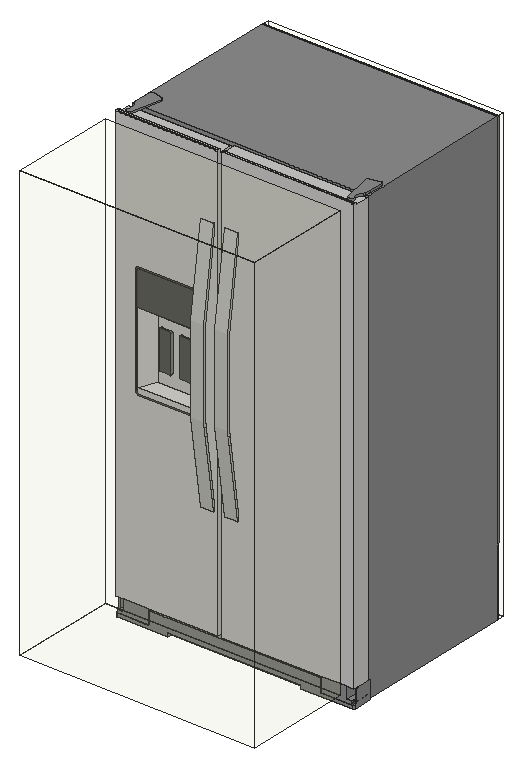
Revit family "WRS571CIHZ-015c_Refrigeration_SXS", category Specialty Equipment, Revit 2026
Family settings
  Round Connector Dimension = Use Diameter
  Part Type = Normal
  Work Plane-Based = No
  Enable Cutting in Views = No
  Always vertical = Yes
  Cut with Voids When Loaded = No
  Maintain Annotation Orientation = No
  Shared = No
  Room Calculation Point = No
Parameters (values of type "WRS571CIH")
  Width = 36"
  Warranty Duration (Years) = "One year limited"
  Voltage = 115 V
  URL = "https://www.whirlpool.com/kitchen/refrigeration/refrigerators/side-by-side/p.36-inch-wide-counter-depth-side-by-side-refrigerator-21-cu.-ft.wrs571cihz.html"
  Specification = ""
  SpecWizard = ""
  Show Clearance [instance] = yes
  Send Message = ""
  Sales Information = "https://www.whirlpool.com/kitchen/refrigeration/refrigerators/side-by-side/p.36-inch-wide-counter-depth-side-by-side-refrigerator-21-cu.-ft.wrs571cihz.html"
  Product Data = "https://www.whirlpool.com/content/dam/global/documents/201711/InstallationandOwnersManual-W10706417-RevB.pdf"
  Model = "WRS571CIH"
  Manufacturer Website = ""
  Manufacturer Phone - Toll Free = ""
  Manufacturer Phone = ""
  Manufacturer Fax = ""
  Manufacturer Email = ""
  Manufacturer Address = ""
  Manufacturer = "Whirlpool"
  Maintenance Schedule (Months) = "NA"
  Leg Material = ARCAT - Metal - Steel - Black
  Installation-Fabrication = "https://www.whirlpool.com/content/dam/global/documents/201807/installation-instruction-w10706411-revb.pdf"
  Installation Phase = "NA"
  Height = 68 7/8"
  Handle Material = ARCAT - Metal - Steel - Gray
  HW size = 0"
  Family Name = "Freestanding Refrigerator"
  Expected Lifespan (Years) = "NA"
  Exhaust size = 0"
  Drawn By = ""
  Drain size = 0"
  Door Material = ARCAT - Metal - Steel - Stainless
  Display Panel Material = ARCAT - Glass - Black
  Description = "Whirlpool® 36-inch Wide Counter Depth Side-by-Side Refrigerator"
  Depth = 29 3/4"
  Default Elevation = 0"
  Copyright = ""
  Clearance Material = ARCAT - Clearance
  CW size = 0"
  Body Material = ARCAT - Metal - Steel - Black
  Apparent Load = 0 VA
  Amps = 20 A
Reference planes (in)
  plane 1 "Center (Front/Back)": y = 0
  plane 2: z = 0
  plane 3 "Center (Left/Right)": x = 0
  plane 4: z = 68.875
  plane 5: y = -30.75
  plane 6: y = -1
  plane 7: x = 18
  plane 8: x = -18
  plane 9: z = 68.875
Forms (in)
  Extrusion 1, solid, material "ARCAT - Metal - Steel - Black" <- "Body Material"
    sketch origin (0, -1, 0) x (1, 0, 0) y (0, 1, 0)
      loop
        line (-17.75, -0.125) -> (-17.75, -24.5) -> (17.75, -24.5) -> (17.75, -0.125) -> (-17.75, -0.125)
    from 0.5 to 68.625
  Extrusion 2, solid, material "ARCAT - Metal - Steel - Black" <- "Body Material"
    sketch origin (19.90625, -1.125, 48) x (-1, 0, 0) y (0, 0, 1)
      loop
        line (2.15625, 20.625) -> (2.15625, -37.11587) -> (3.15625, -37.11587) -> (3.15625, 19.375) -> (36.65625, 19.375) -> (36.65625, -37.11587) -> (37.65625, -37.11587) -> (37.65625, 20.625) -> (2.15625, 20.625)
    from 0 to 0.125
  Extrusion 3, solid, material "ARCAT - Metal - Steel - Black" <- "Body Material"
    sketch origin (-17.75, -1.125, 0) x (1, 0, 0) y (0, 0, -1)
      loop
        arc (35.47625, -10.88413) -> (35.49304, -10.87717) -> (35.5, -10.86038) r 0.02375
        line (35.5, -10.86038) -> (35.5, -0.5) -> (0, -0.5) -> (0, -10.86038)
        arc (0, -10.86038) -> (0.00696, -10.87717) -> (0.02375, -10.88413) r 0.02375
        line (0.02375, -10.88413) -> (1.20756, -10.88413)
        arc (1.20756, -10.88413) -> (1.22413, -10.891) -> (1.231, -10.90757) r 0.02344
        line (1.231, -10.90757) -> (1.231, -11.26273)
        arc (1.231, -11.26273) -> (1.23821, -11.28015) -> (1.25564, -11.28736) r 0.02464
        line (1.25564, -11.28736) -> (32.83267, -11.28736) -> (32.83267, -10.60759) -> (33.42208, -10.60759) -> (33.42208, -11.28736) -> (34.33361, -11.28736)
        arc (34.33361, -11.28736) -> (34.35103, -11.28015) -> (34.35825, -11.26273) r 0.02464
        line (34.35825, -11.26273) -> (34.35825, -10.90757)
        arc (34.35825, -10.90757) -> (34.36512, -10.891) -> (34.38169, -10.88413) r 0.02344
        line (34.38169, -10.88413) -> (35.47625, -10.88413)
      loop
        circle (8.37953, -10.25959) r 0.43193
    from 0 to 0.0625
  Extrusion 4, void
    sketch origin (-17.75, -1.125, 0) x (-1, 0, 0) y (0, 0, -1)
      loop
        line (-3.20358, -7.62739) -> (-2.70358, -7.62739) -> (-2.70358, -8.29333) -> (-2.59276, -8.29333) -> (-2.59276, -8.79333) -> (-2.22972, -8.79333) -> (-2.22972, -8.29333) -> (-2.1189, -8.29333) -> (-2.1189, -7.62739) -> (-1.6189, -7.62739) -> (-1.6189, -6.45946)
        arc (-1.6189, -6.45946) -> (-1.74531, -6.15429) -> (-2.05048, -6.02789) r 0.43157
        line (-2.05048, -6.02789) -> (-2.772, -6.02789)
        arc (-2.772, -6.02789) -> (-3.07717, -6.15429) -> (-3.20358, -6.45946) r 0.43157
        line (-3.20358, -6.45946) -> (-3.20358, -7.62739)
    from -0.125 to 1.8721
  Extrusion 5, solid, material "ARCAT - Metal - Steel - Black" <- "Body Material"
    sketch origin (-11.54723, -1.0625, -1.25138) x (1, 0, 0) y (0, 0, -1)
      loop
        circle (26.9246, -11.70577) r 0.25
    from 0 to 0.03125
  Blend 6, solid, material "ARCAT - Metal - Steel - Black" <- "Body Material"
    base sketch origin (0.30403, -1.0625, 10.4343) x (1, 0, 0) y (0, 0, -1)
      loop
        arc (15.34316, -12.01586) -> (15.76941, -11.8393) -> (15.94597, -11.41304) r 0.60281
        line (15.94597, -11.41304) -> (15.94597, -1.99242)
        arc (15.94597, -1.99242) -> (15.76978, -1.56705) -> (15.34441, -1.39086) r 0.60156
        line (15.34441, -1.39086) -> (7.04754, -1.39086)
        arc (7.04754, -1.39086) -> (6.62217, -1.56705) -> (6.44597, -1.99242) r 0.60156
        line (6.44597, -1.99242) -> (6.44597, -11.41429)
        arc (6.44597, -11.41429) -> (6.62217, -11.83966) -> (7.04754, -12.01586) r 0.60156
        line (7.04754, -12.01586) -> (15.34316, -12.01586)
    top sketch origin (0.30403, -1.0625, 10.4343) x (1, 0, 0) y (0, 0, -1)
      loop
        line (15.24597, -10.82836) -> (15.24597, -2.57836)
        arc (15.24597, -2.57836) -> (15.09953, -2.2248) -> (14.74597, -2.07836) r 0.5
        line (14.74597, -2.07836) -> (7.64472, -2.07836)
        arc (7.64472, -2.07836) -> (7.29117, -2.2248) -> (7.14472, -2.57836) r 0.5
        line (7.14472, -2.57836) -> (7.14472, -10.82836)
        arc (7.14472, -10.82836) -> (7.29117, -11.18191) -> (7.64472, -11.32836) r 0.5
        line (7.64472, -11.32836) -> (14.74597, -11.32836)
        arc (14.74597, -11.32836) -> (15.09953, -11.18191) -> (15.24597, -10.82836) r 0.5
    from 0 to 0.0625
  Extrusion 7, solid, material "ARCAT - Metal - Steel - Stainless" <- "Door Material"
    sketch origin (0, 0.75, 68.875) x (1, 0, 0) y (0, 1, 0)
      loop
        line (17.25, -26.25) -> (-2, -26.25) -> (-2, -29.25) -> (18, -29.25) -> (18, -26.75) -> (17.25, -26.75) -> (17.25, -26.25)
    from -0.76265 to -65.625
  Extrusion 8, solid, material "ARCAT - Metal - Steel - Stainless" <- "Door Material"
    sketch origin (0, 0.75, 68.875) x (1, 0, 0) y (0, 1, 0)
      loop
        line (-18, -29.25) -> (-2.625, -29.25) -> (-2.625, -26.25) -> (-17.25, -26.25) -> (-17.25, -26.75) -> (-18, -26.75) -> (-18, -29.25)
    from -0.76265 to -65.625
  Extrusion 9, solid, material "ARCAT - Metal - Steel - Gray" <- "Handle Material"
    sketch origin (-2.28977, 0.75, -11.02278) x (0, 1, 0) y (0, 0, -1)
      loop
        line (-29.25, -69.875) -> (-29.25, -68.74452)
        arc (-29.25, -68.74452) -> (-31.25116, -50.33528) -> (-29.25, -31.92604) r 85.67643
        line (-29.25, -31.92604) -> (-29.25, -30.79555)
        arc (-29.25, -30.79555) -> (-31.50116, -50.33528) -> (-29.25, -69.875) r 85.92643
    from 0.83523 to 2.83523
  Extrusion 10, solid, material "ARCAT - Glass - Black" <- "Display Panel Material"
    sketch origin (-17.75, -28.5, 66.625) x (1, 0, 0) y (0, 0, 1)
      loop
        line (3.05715, -23.21472) -> (11.63902, -23.21472) -> (11.63902, -18.16472)
        arc (11.63902, -18.16472) -> (11.5658, -17.98795) -> (11.38902, -17.91472) r 0.25
        line (11.38902, -17.91472) -> (3.30715, -17.91472)
        arc (3.30715, -17.91472) -> (3.13038, -17.98795) -> (3.05715, -18.16472) r 0.25
        line (3.05715, -18.16472) -> (3.05715, -23.21472)
    from 0 to 0.0625
  Blend 11, void
    base sketch origin (-17.75, -28.5, 66.625) x (-1, 0, 0) y (0, 0, 1)
      loop
        line (-3.05715, -23.21472) -> (-11.63902, -23.21472) -> (-11.63902, -34.11951) -> (-3.05715, -34.11951) -> (-3.05715, -23.21472)
    top sketch origin (-17.75, -28.5, 66.625) x (-1, 0, 0) y (0, 0, 1)
      loop
        line (-4.55715, -24.41472) -> (-10.13902, -24.41472) -> (-10.13902, -33.66472) -> (-4.55715, -33.66472) -> (-4.55715, -24.41472)
    from 0 to 2.00212
  Extrusion 12, solid, material "ARCAT - Metal - Steel - Black" <- "Body Material"
    sketch origin (17.75, -28.5, 68.875) x (-1, 0, 0) y (0, 0, -1)
      loop
        line (30.8125, 68.375) -> (4.75, 68.375) -> (4.75, 65.96484)
        arc (4.75, 65.96484) -> (4.77631, 65.90131) -> (4.83984, 65.875) r 0.08984
        line (4.83984, 65.875) -> (30.72266, 65.875)
        arc (30.72266, 65.875) -> (30.78619, 65.90131) -> (30.8125, 65.96484) r 0.08984
        line (30.8125, 65.96484) -> (30.8125, 68.375)
    from 0 to -3
  Extrusion 13, solid, material "ARCAT - Clearance" <- "Clearance Material", visible <- "Show Clearance", detail levels medium+fine
    sketch origin (63.95747, -179.25, 68.875) x (-1, 0, 0) y (0, -1, 0)
      loop
        line (46.20747, -148.5) -> (81.70747, -148.5) -> (81.70747, -132.375) -> (46.20747, -132.375) -> (46.20747, -148.5)
    from 0 to -65.625
  Extrusion 14, solid, material "ARCAT - Metal - Steel - Black" <- "Body Material"
    sketch origin (19.97981, -28.125, 69.375) x (-1, 0, 0) y (0, 0, -1)
      loop
        line (33.04231, 66.125) -> (36.78266, 66.125) -> (36.78266, 67.875) -> (37.5527, 67.875)
        arc (37.5527, 67.875) -> (37.63131, 67.90756) -> (37.66387, 67.98618) r 0.11118
        line (37.66387, 67.98618) -> (37.66387, 68.23028)
        arc (37.66387, 68.23028) -> (37.63184, 68.30762) -> (37.5545, 68.33965) r 0.10938
        line (37.5545, 68.33965) -> (33.04231, 68.33965) -> (33.04231, 66.125)
    from 0.375 to -2.625
  Extrusion 15, solid, material "ARCAT - Metal - Steel - Black" <- "Body Material"
    sketch origin (17.75, -25.5, 0.5) x (-1, 0, 0) y (0, 0, -1)
      loop
        line (35.75, -0.47474) -> (35.5, -0.47474) -> (35.5, -2.64562)
        arc (35.5, -2.64562) -> (35.50686, -2.6622) -> (35.52344, -2.66906) r 0.02344
        line (35.52344, -2.66906) -> (35.72749, -2.66906)
        arc (35.72749, -2.66906) -> (35.74341, -2.66247) -> (35.75, -2.64655) r 0.02251
        line (35.75, -2.64655) -> (35.75, -0.47474)
    from 0 to 2.42995
  Extrusion 16, solid, material "ARCAT - Metal - Steel - Black" <- "Body Material"
    sketch origin (0, -1, 0.5) x (0, 1, 0) y (1, 0, 0)
      loop
        line (-27.5, -13) -> (-27.5, -17.73417)
        arc (-27.5, -17.73417) -> (-27.42214, -17.92214) -> (-27.23417, -18) r 0.26583
        line (-27.23417, -18) -> (-24.5, -18) -> (-24.5, -13) -> (-27.5, -13)
    from 0 to -0.47474
  Extrusion 17, solid, material "ARCAT - Metal - Steel - Gray" <- "Handle Material"
    sketch origin (-2.33523, 0.75, -11.02278) x (0, 1, 0) y (0, 0, 1)
      loop
        arc (-29.25, 69.875) -> (-31.50116, 50.33528) -> (-29.25, 30.79555) r 85.92643
        line (-29.25, 30.79555) -> (-29.25, 31.92604)
        arc (-29.25, 31.92604) -> (-31.25116, 50.33528) -> (-29.25, 68.74452) r 85.67643
        line (-29.25, 68.74452) -> (-29.25, 69.875)
    from 0.83523 to 2.83523
  Extrusion 18, solid, material "ARCAT - Glass - Black" <- "Display Panel Material"
    sketch origin (-17.75, -28.5, 66.625) x (1, 0, 0) y (0, 0, 1)
      loop
        arc (3.05715, -34.43606) -> (3.17663, -34.7245) -> (3.46508, -34.84398) r 0.40793
        line (3.46508, -34.84398) -> (11.23277, -34.84398)
        arc (11.23277, -34.84398) -> (11.52004, -34.72499) -> (11.63902, -34.43773) r 0.40625
        line (11.63902, -34.43773) -> (11.63902, -18.16472)
        arc (11.63902, -18.16472) -> (11.5658, -17.98795) -> (11.38902, -17.91472) r 0.25
        line (11.38902, -17.91472) -> (3.30715, -17.91472)
        arc (3.30715, -17.91472) -> (3.13038, -17.98795) -> (3.05715, -18.16472) r 0.25
        line (3.05715, -18.16472) -> (3.05715, -34.43606)
      loop
        arc (2.80715, -34.43606) -> (2.99985, -34.90128) -> (3.46508, -35.09398) r 0.65793
        line (3.46508, -35.09398) -> (11.23277, -35.09398)
        arc (11.23277, -35.09398) -> (11.69681, -34.90177) -> (11.88902, -34.43773) r 0.65625
        line (11.88902, -34.43773) -> (11.88902, -18.16472)
        arc (11.88902, -18.16472) -> (11.74258, -17.81117) -> (11.38902, -17.66472) r 0.5
        line (11.38902, -17.66472) -> (3.30715, -17.66472)
        arc (3.30715, -17.66472) -> (2.9536, -17.81117) -> (2.80715, -18.16472) r 0.5
        line (2.80715, -18.16472) -> (2.80715, -34.43606)
    from 0 to 0.07813
  Extrusion 19, solid, material "ARCAT - Metal - Steel - Stainless" <- "Door Material"
    sketch origin (-18, 5.715, 47.73735) x (0, 1, 0) y (0, 0, 1)
      loop
        line (-31.715, 20.375) -> (-31.715, 20.63765) -> (-33.86008, 20.63765) -> (-33.86008, 21.11031)
        arc (-33.86008, 21.11031) -> (-33.86809, 21.12965) -> (-33.88742, 21.13765) r 0.02734
        line (-33.88742, 21.13765) -> (-34.18846, 21.13765)
        arc (-34.18846, 21.13765) -> (-34.20723, 21.12988) -> (-34.215, 21.11111) r 0.02655
        line (-34.215, 21.11111) -> (-34.215, 20.375) -> (-31.715, 20.375)
    from 0 to 15.375
  Extrusion 20, solid, material "ARCAT - Metal - Steel - Stainless" <- "Door Material"
    sketch origin (18, 5.715, 47.73735) x (0, 1, 0) y (0, 0, -1)
      loop
        line (-31.715, -20.375) -> (-34.215, -20.375) -> (-34.215, -21.11111)
        arc (-34.215, -21.11111) -> (-34.20723, -21.12988) -> (-34.18846, -21.13765) r 0.02655
        line (-34.18846, -21.13765) -> (-33.88742, -21.13765)
        arc (-33.88742, -21.13765) -> (-33.86809, -21.12965) -> (-33.86008, -21.11031) r 0.02734
        line (-33.86008, -21.11031) -> (-33.86008, -20.88765) -> (-31.715, -20.88765) -> (-31.715, -20.375)
    from 0 to 20
  Extrusion 21, solid, material "ARCAT - Metal - Steel - Black" <- "Body Material"
    sketch origin (0.125, -1, 68.625) x (1, 0, 0) y (0, 1, 0)
      loop
        arc (-17.26354, -21.39842) -> (-17.50419, -21.45093) -> (-17.61177, -21.6725) r 0.28197
        line (-17.61177, -21.6725) -> (-17.61177, -23.92511)
        arc (-17.61177, -23.92511) -> (-17.58722, -24.28246) -> (-17.51403, -24.6331) r 2.61317
        arc (-17.51403, -24.6331) -> (-17.45066, -24.78883) -> (-17.35425, -24.92658) r 0.75155
        arc (-17.35425, -24.92658) -> (-17.07156, -25.59776) -> (-17.25143, -26.30348) r 1.14347
        arc (-17.25143, -26.30348) -> (-17.08794, -26.87936) -> (-16.53806, -26.64274) r 0.39831
        line (-16.53806, -26.64274) -> (-15.57015, -22.08907)
        arc (-15.57015, -22.08907) -> (-15.60727, -21.8807) -> (-15.77917, -21.75722) r 0.28125
        line (-15.77917, -21.75722) -> (-17.26354, -21.39842)
    from 0.25 to 0
  Extrusion 22, solid, material "ARCAT - Metal - Steel - Black" <- "Body Material"
    sketch origin (-0.125, -1, 68.625) x (-1, 0, 0) y (0, -1, 0)
      loop
        line (-17.26354, 21.39842) -> (-15.77917, 21.75722)
        arc (-15.77917, 21.75722) -> (-15.60727, 21.8807) -> (-15.57015, 22.08907) r 0.28125
        line (-15.57015, 22.08907) -> (-16.53806, 26.64274)
        arc (-16.53806, 26.64274) -> (-17.08794, 26.87936) -> (-17.25143, 26.30348) r 0.39831
        arc (-17.25143, 26.30348) -> (-17.07156, 25.59776) -> (-17.35425, 24.92658) r 1.14347
        arc (-17.35425, 24.92658) -> (-17.45066, 24.78883) -> (-17.51403, 24.6331) r 0.75155
        arc (-17.51403, 24.6331) -> (-17.58722, 24.28246) -> (-17.61177, 23.92511) r 2.61317
        line (-17.61177, 23.92511) -> (-17.61177, 21.6725)
        arc (-17.61177, 21.6725) -> (-17.50419, 21.45093) -> (-17.26354, 21.39842) r 0.28197
    from 0.25 to 0
  Extrusion 23, solid, material "ARCAT - Metal - Steel - Black" <- "Leg Material"
    sketch origin (-0.75, -1, 0.5) x (1, 0, 0) y (0, -1, 0)
      loop
        circle (16.18238, 22.39858) r 0.75
    from 0 to 0.5
  Extrusion 24, solid, material "ARCAT - Metal - Steel - Black" <- "Leg Material"
    sketch origin (-0.75, 18, 0.5) x (1, 0, 0) y (0, -1, 0)
      loop
        circle (16.18238, 22.39858) r 0.75
    from 0 to 0.5
  Extrusion 25, solid, material "ARCAT - Metal - Steel - Black" <- "Leg Material"
    sketch origin (0.75, -1, 0.5) x (1, 0, 0) y (0, -1, 0)
      loop
        circle (-16.18238, 22.39858) r 0.75
    from 0 to 0.5
  Extrusion 26, solid, material "ARCAT - Metal - Steel - Black" <- "Leg Material"
    sketch origin (0.75, 18, 0.5) x (1, 0, 0) y (0, -1, 0)
      loop
        circle (-16.18238, 22.39858) r 0.75
    from 0 to 0.5
  Extrusion 27, solid, material "ARCAT - Metal - Steel - Black" <- "Body Material"
    sketch origin (-17.75, -26.49788, 66.625) x (1, 0, 0) y (0, 0, 1)
      loop
        arc (5.19868, -26.05351) -> (5.0219, -26.12673) -> (4.94868, -26.30351) r 0.25
        line (4.94868, -26.30351) -> (4.94868, -31.75621)
        arc (4.94868, -31.75621) -> (5.0219, -31.93299) -> (5.19868, -32.00621) r 0.25
        line (5.19868, -32.00621) -> (6.44868, -32.00621)
        arc (6.44868, -32.00621) -> (6.62546, -31.93299) -> (6.69868, -31.75621) r 0.25
        line (6.69868, -31.75621) -> (6.69868, -26.30351)
        arc (6.69868, -26.30351) -> (6.62546, -26.12673) -> (6.44868, -26.05351) r 0.25
        line (6.44868, -26.05351) -> (5.19868, -26.05351)
    from 0 to 0.25
  Extrusion 28, solid, material "ARCAT - Metal - Steel - Black" <- "Body Material"
    sketch origin (-3.17882, -26.49788, 66.625) x (-1, 0, 0) y (0, 0, -1)
      loop
        line (5.07368, 26.05351) -> (6.32368, 26.05351)
        arc (6.32368, 26.05351) -> (6.50046, 26.12673) -> (6.57368, 26.30351) r 0.25
        line (6.57368, 26.30351) -> (6.57368, 31.75621)
        arc (6.57368, 31.75621) -> (6.50046, 31.93299) -> (6.32368, 32.00621) r 0.25
        line (6.32368, 32.00621) -> (5.07368, 32.00621)
        arc (5.07368, 32.00621) -> (4.8969, 31.93299) -> (4.82368, 31.75621) r 0.25
        line (4.82368, 31.75621) -> (4.82368, 26.30351)
        arc (4.82368, 26.30351) -> (4.8969, 26.12673) -> (5.07368, 26.05351) r 0.25
    from 0 to 0.25
  Extrusion 29, solid, material "ARCAT - Clearance" <- "Clearance Material", visible <- "Show Clearance", detail levels medium+fine
    sketch origin (63.95747, -148.5, 68.875) x (-1, 0, 0) y (0, -1, 0)
      loop
        line (46.20747, -148.5) -> (81.70747, -148.5) -> (81.70747, -147.5) -> (46.20747, -147.5) -> (46.20747, -148.5)
    from -0.25 to -68.375
  Extrusion 30, solid, material "ARCAT - Metal - Steel - Black" <- "Body Material"
    sketch origin (-19.97981, -28.125, 69.375) x (1, 0, 0) y (0, 0, 1)
      loop
        line (33.04231, -66.125) -> (33.04231, -68.33965) -> (37.5545, -68.33965)
        arc (37.5545, -68.33965) -> (37.63184, -68.30762) -> (37.66387, -68.23028) r 0.10938
        line (37.66387, -68.23028) -> (37.66387, -67.98618)
        arc (37.66387, -67.98618) -> (37.63131, -67.90756) -> (37.5527, -67.875) r 0.11118
        line (37.5527, -67.875) -> (36.78266, -67.875) -> (36.78266, -66.125) -> (33.04231, -66.125)
    from 0.375 to -2.625
  Extrusion 31, solid, material "ARCAT - Metal - Steel - Black" <- "Body Material"
    sketch origin (-17.75, -25.5, 0.5) x (1, 0, 0) y (0, 0, 1)
      loop
        line (35.75, 0.47474) -> (35.75, 2.72749)
        arc (35.75, 2.72749) -> (35.74341, 2.74341) -> (35.72749, 2.75) r 0.02251
        line (35.72749, 2.75) -> (35.52344, 2.75)
        arc (35.52344, 2.75) -> (35.50686, 2.74314) -> (35.5, 2.72656) r 0.02344
        line (35.5, 2.72656) -> (35.5, 0.47474) -> (35.75, 0.47474)
    from 0 to 2.42995
  Extrusion 32, solid, material "ARCAT - Metal - Steel - Black" <- "Body Material"
    sketch origin (0, -1, 0.5) x (0, -1, 0) y (-1, 0, 0)
      loop
        line (27.5, -13) -> (24.5, -13) -> (24.5, -18) -> (27.23417, -18)
        arc (27.23417, -18) -> (27.42214, -17.92214) -> (27.5, -17.73417) r 0.26583
        line (27.5, -17.73417) -> (27.5, -13)
    from 0 to -0.47474
  Extrusion 33, void
    sketch origin (17.75, -28.5, 68.875) x (1, 0, 0) y (0, 0, -1)
      loop
        line (-27.8125, 67.8338) -> (-7.8125, 67.8338) -> (-7.8125, 68.375) -> (-27.8125, 68.375) -> (-27.8125, 67.8338)
    from 0 to 0.57005
Cuts and joins
  Extrusion 4, Extrusion 33 cuts Extrusion 1
  Extrusion 4 cuts Extrusion 3
  Blend 11 cuts Extrusion 8
  joined: Extrusion 7, Extrusion 8, Extrusion 19, Extrusion 20
  Extrusion 33 cuts Extrusion 12
  Extrusion 33 cuts Extrusion 15
  Extrusion 33 cuts Extrusion 16
  Extrusion 33 cuts Extrusion 31
  Extrusion 33 cuts Extrusion 32
  joined: Extrusion 12, Extrusion 15, Extrusion 16, Extrusion 31, Extrusion 32
Lines and regions (in)
  model lines
    curve 1: line (-8.90272, -1.0625, 8.95033) -> (-11.15272, -1.0625, 8.95033)
    curve 2: line (-8.90272, -1.0625, 1.56722) -> (-8.90272, -1.0625, 8.95033)
    curve 3: line (-15.90272, -1.0625, 3.78839) -> (-13.40272, -1.0625, 3.78839)
    curve 4: line (-15.90272, -1.0625, 3.78839) -> (-15.90272, -1.0625, 1.56722)
    curve 5: line (-15.90272, -1.0625, 1.56722) -> (-8.90272, -1.0625, 1.56722)
    curve 6: line (-11.15272, -1.0625, 8.95033) -> (-11.15272, -1.0625, 10.45033)
    curve 7: line (-11.15272, -1.0625, 10.45033) -> (-13.40272, -1.0625, 10.45033)
    curve 8: line (-13.40272, -1.0625, 10.45033) -> (-13.40272, -1.0625, 3.78839)
    curve 9: circle (13.1205, -1.125, 63.80901) r 2.2 normal (0, 1, 0)
    curve 10: circle (0.96483, -1.125, 21.37642) r 2.2 normal (0, 1, 0)
  symbolic lines, style "SpecialityEquipment"
    curve 11: line (18, -28.5, 0.5) -> (-18, -28.5, 0.5)
    curve 12: line (-17.75, -1, 0.5) -> (18, -1, 0.5)
    curve 13: line (-5.125, -30.75116, 0.5) -> (-5.125, -28.5, 0.5)
    curve 14: line (-3.125, -30.75116, 0.5) -> (-5.125, -30.75116, 0.5)
    curve 15: line (-3.125, -28.5, 0.5) -> (-3.125, -30.75116, 0.5)
    curve 16: line (-1.5, -30.75116, 0.5) -> (-1.5, -28.5, 0.5)
    curve 17: line (0.5, -30.75116, 0.5) -> (-1.5, -30.75116, 0.5)
    curve 18: line (0.5, -28.5, 0.5) -> (0.5, -30.75116, 0.5)
    curve 19: line (18, -28.5, 0.5) -> (18, -1, 0.5)
    curve 20: line (-18, -28.5, 0.5) -> (-18, -1, 0.5)
Dimensions and locks (in)
  "Height": plane 4 to level
  "Depth": plane 6 to plane 5
  "Width": plane 8 to plane 7
  equal spacing: plane 8, plane 3 "Center (Left/Right)", plane 7
  aligned and locked: plane 2 to level
Automatic sketch dimensions
  plane 8 to Extrusion 1 sketch curve = 1/4"
  Extrusion 1 sketch curve to plane 7 = 1/4"
  plane 5 to Extrusion 1 sketch curve = 5 1/4"
  plane 6 to Extrusion 1 sketch curve = 1/8"
  Extrusion 2 sketch curve to plane 7 = 1/4"
  Extrusion 2 sketch curve to plane 7 = 1 1/4"
  plane 8 to Extrusion 2 sketch curve = 1 1/4"
  plane 8 to Extrusion 2 sketch curve = 1/4"
  level to Extrusion 2 sketch curve = 10.88413"  (x2)
  Extrusion 2 sketch curve to plane 4 = 1 1/2"
  Extrusion 2 sketch curve to plane 4 = 1/4"
  Extrusion 1 to Extrusion 3 sketch curve = 0"
  Extrusion 3 sketch curve to Extrusion 1 = 0"  (x2)
  Extrusion 3 sketch curve to Extrusion 1 = 0.02375"  (x2)
  Extrusion 3 sketch curve to Extrusion 3 sketch curve = 1.18381"
  Extrusion 3 sketch curve to Extrusion 3 sketch curve = 3/128"  (x2)
  Extrusion 3 sketch curve to Extrusion 3 sketch curve = 0.02464"  (x2)
  Extrusion 3 sketch curve to Extrusion 3 sketch curve = 7.14854"
  Extrusion 3 sketch curve to Extrusion 1 = 2.66733"
  Extrusion 3 sketch curve to Extrusion 3 sketch curve = 0.58942"
  Extrusion 3 sketch curve to Extrusion 3 sketch curve = 0.91153"
  Extrusion 1 to Extrusion 3 sketch curve = 9.75959"
  Extrusion 1 to Extrusion 3 sketch curve = 10.10759"
  Extrusion 3 sketch curve to Extrusion 3 sketch curve = 0.60079"
  Extrusion 3 sketch curve to Extrusion 3 sketch curve = 0.25279"
  Extrusion 3 sketch curve to Extrusion 3 sketch curve = 0.35516"  (x2)
  Extrusion 1 to Extrusion 4 sketch curve = 3.20358"
  Extrusion 4 sketch curve to Extrusion 4 sketch curve = 0.43157"  (x2)
  Extrusion 4 sketch curve to Extrusion 4 sketch curve = 1/2"  (x2)
  Extrusion 4 sketch curve to Extrusion 4 sketch curve = 0.11082"
  Extrusion 4 sketch curve to Extrusion 4 sketch curve = 0.36304"
  Extrusion 4 sketch curve to Extrusion 4 sketch curve = 0.58467"
  Extrusion 4 sketch curve to Extrusion 4 sketch curve = 0.72153"
  Extrusion 4 sketch curve to Extrusion 1 = 8.29333"
  Extrusion 4 sketch curve to Extrusion 4 sketch curve = 0"
  Extrusion 4 sketch curve to Extrusion 4 sketch curve = 0.66594"  (x2)
  Extrusion 4 sketch curve to Extrusion 4 sketch curve = 1.16793"
  level to Extrusion 5 sketch curve = 10.45438"
  curve 10 to Extrusion 1 = 16 201/256"
  curve 9 to Extrusion 1 = 4.6295"
  Extrusion 1 to curve 9 = 4.81599"
  Extrusion 1 to curve 10 = 20.87642"
  curve 4 to Extrusion 3 = 0.61628"
  curve 3 to curve 3 = 2 1/2"
  curve 7 to Extrusion 3 = 0.15726"
  curve 7 to curve 7 = 2 1/4"
  curve 2 to Extrusion 3 = 1.06722"
  curve 3 to curve 2 = 4 1/2"
  curve 6 to curve 6 = 1 1/2"
  curve 3 to Extrusion 3 = 3.28839"
  Blend 6 sketch curve to Blend 6 sketch curve = 77/128"  (x2)
  Blend 6 sketch curve to plane 7 = 2.35281"
  Blend 6 sketch curve to plane 7 = 2 45/128"
  Blend 6 sketch curve to Blend 6 sketch curve = 0.60281"
  level to Blend 6 sketch curve = 22.45015"
  Blend 6 sketch curve to Blend 6 sketch curve = 9 27/64"
  Blend 6 sketch curve to Blend 6 sketch curve = 1/2"  (x3)
  level to Blend 6 sketch curve = 21.76265"
  Blend 6 sketch curve to Blend 6 sketch curve = 8 1/4"
  Extrusion 7 sketch curve to plane 7 = 0"
  Extrusion 7 sketch curve to plane 7 = 3/4"
  Extrusion 7 sketch curve to plane 3 "Center (Left/Right)" = 2"
  plane 5 to Extrusion 7 sketch curve = 2 1/4"
  Extrusion 7 sketch curve to Extrusion 7 sketch curve = 2 1/2"
  Extrusion 7 sketch curve to Extrusion 7 sketch curve = 1/2"
  Extrusion 8 sketch curve to plane 8 = 0"
  plane 8 to Extrusion 8 sketch curve = 3/4"
  Extrusion 8 sketch curve to plane 3 "Center (Left/Right)" = 2 5/8"
  plane 5 to Extrusion 8 sketch curve = 2 1/4"
  Extrusion 8 sketch curve to Extrusion 8 sketch curve = 2 1/2"
  Extrusion 8 sketch curve to Extrusion 8 sketch curve = 3"
  Extrusion 9 sketch curve to Extrusion 9 sketch curve = 0"  (x2)
  plane 5 to Extrusion 9 sketch curve = 2 1/4"  (x2)
  Extrusion 9 sketch curve to plane 1 "Center (Front/Back)" = 55.17527"
  Extrusion 9 sketch curve to plane 4 = 10.02278"
  Extrusion 9 sketch curve to Extrusion 9 sketch curve = 1.13048"
  Extrusion 9 sketch curve to plane 4 = 29 9/16"
  Extrusion 8 to Extrusion 10 sketch curve = 3.30715"
  Extrusion 10 sketch curve to Extrusion 10 sketch curve = 1/4"
  Extrusion 10 sketch curve to Extrusion 8 = 3.73598"
  Extrusion 10 sketch curve to Extrusion 8 = 3.48598"
  Extrusion 8 to Extrusion 10 sketch curve = 24.70206"
  Extrusion 10 sketch curve to Extrusion 10 sketch curve = 5.04999"
  Extrusion 8 to Blend 11 sketch curve = 3.48598"
  Blend 11 sketch curve to Extrusion 8 = 3.30715"
  Blend 11 sketch curve to Extrusion 8 = 29.25549"
  Blend 11 sketch curve to Blend 11 sketch curve = 10.90479"
  Extrusion 8 to Blend 11 sketch curve = 4.98598"
  Blend 11 sketch curve to Extrusion 8 = 4.80715"
  Blend 11 sketch curve to Extrusion 8 = 29.71028"
  Blend 11 sketch curve to Blend 11 sketch curve = 9 1/4"
  Extrusion 12 sketch curve to Extrusion 7 = 5"
  Extrusion 12 sketch curve to Extrusion 12 sketch curve = 23/256"  (x2)
  Extrusion 12 sketch curve to Extrusion 7 = 1/4"
  Extrusion 7 to Extrusion 12 sketch curve = 10 249/256"
  Extrusion 12 sketch curve to Extrusion 12 sketch curve = 2 105/256"
  Extrusion 13 sketch curve to plane 5 = 0"
  Extrusion 13 sketch curve to plane 7 = 1/4"
  plane 8 to Extrusion 13 sketch curve = 1/4"
  Extrusion 13 sketch curve to Extrusion 13 sketch curve = 16 1/8"
  plane 8 to Extrusion 14 sketch curve = 1.19715"
  plane 8 to Extrusion 14 sketch curve = 0.42712"
  Extrusion 14 sketch curve to Extrusion 14 sketch curve = 0.0018"
  Extrusion 14 sketch curve to Extrusion 14 sketch curve = 0.11118"
  level to Extrusion 14 sketch curve = 3 1/4"
  level to Extrusion 14 sketch curve = 1 1/2"
  Extrusion 14 sketch curve to Extrusion 14 sketch curve = 0.2441"
  Extrusion 15 sketch curve to plane 8 = 0"
  Extrusion 15 sketch curve to Extrusion 15 sketch curve = 0.02251"
  Extrusion 15 sketch curve to Extrusion 15 sketch curve = 0.20405"
  Extrusion 15 sketch curve to Extrusion 15 sketch curve = 3/128"
  level to Extrusion 15 sketch curve = 3.16906"
  level to Extrusion 15 sketch curve = 0.97474"
  Extrusion 16 sketch curve to plane 8 = 0"
  plane 8 to Extrusion 16 sketch curve = 0.26583"
  plane 5 to Extrusion 16 sketch curve = 2 1/4"
  Extrusion 16 sketch curve to Extrusion 16 sketch curve = 2.73417"
  Extrusion 17 sketch curve to Extrusion 17 sketch curve = 0"  (x2)
  plane 5 to Extrusion 17 sketch curve = 2 1/4"  (x2)
  Extrusion 17 sketch curve to plane 1 "Center (Front/Back)" = 55.17527"
  level to Extrusion 17 sketch curve = 19.77278"
  Extrusion 17 sketch curve to Extrusion 17 sketch curve = 1.13048"
  Extrusion 17 sketch curve to plane 4 = 29 9/16"
  Extrusion 18 sketch curve to Extrusion 18 sketch curve = 0"  (x8)
  Extrusion 8 to Extrusion 18 sketch curve = 3.05715"
  Extrusion 18 sketch curve to Extrusion 18 sketch curve = 1/4"  (x2)
  Extrusion 18 sketch curve to Extrusion 18 sketch curve = 0.40793"
  Extrusion 18 sketch curve to Extrusion 8 = 3.89223"
  Extrusion 18 sketch curve to Extrusion 8 = 3.73598"
  Extrusion 18 sketch curve to Extrusion 18 sketch curve = 13/32"
  Extrusion 8 to Extrusion 18 sketch curve = 28.28102"
  Extrusion 18 sketch curve to Extrusion 18 sketch curve = 16.27133"
  Extrusion 19 sketch curve to plane 4 = 0"
  Extrusion 19 sketch curve to plane 4 = 0.02655"
  plane 5 to Extrusion 19 sketch curve = 2 1/4"
  Extrusion 19 sketch curve to Extrusion 19 sketch curve = 0.30104"
  Extrusion 19 sketch curve to plane 4 = 7/256"
  Extrusion 19 sketch curve to plane 4 = 1/2"
  Extrusion 19 sketch curve to Extrusion 19 sketch curve = 2.14507"
  Extrusion 19 sketch curve to Extrusion 19 sketch curve = 0.26265"
  Extrusion 20 sketch curve to plane 4 = 0"
  Extrusion 20 sketch curve to plane 4 = 0.02655"
  plane 5 to Extrusion 20 sketch curve = 2 1/4"
  Extrusion 20 sketch curve to Extrusion 20 sketch curve = 0.30104"
  Extrusion 20 sketch curve to plane 4 = 7/256"
  Extrusion 20 sketch curve to plane 4 = 1/4"
  Extrusion 20 sketch curve to Extrusion 20 sketch curve = 2.14507"
  Extrusion 20 sketch curve to Extrusion 20 sketch curve = 0.51265"
  Extrusion 1 to Extrusion 21 sketch curve = 0.33686"
  Extrusion 21 sketch curve to Extrusion 1 = 0.26323"
  Extrusion 21 sketch curve to Extrusion 21 sketch curve = 0.28197"
  Extrusion 21 sketch curve to Extrusion 21 sketch curve = 0.06625"
  Extrusion 21 sketch curve to Extrusion 1 = 0.95812"
  Extrusion 21 sketch curve to Extrusion 1 = 0.07052"
  Extrusion 21 sketch curve to Extrusion 21 sketch curve = 0.82117"
  Extrusion 21 sketch curve to Extrusion 21 sketch curve = 0.37882"
  Extrusion 21 sketch curve to Extrusion 21 sketch curve = 1.48454"
  Extrusion 21 sketch curve to Extrusion 21 sketch curve = 0.06608"
  Extrusion 21 sketch curve to Extrusion 21 sketch curve = 0.2751"
  Extrusion 21 sketch curve to Extrusion 1 = 0.57489"
  Extrusion 21 sketch curve to Extrusion 21 sketch curve = 1.792"
  Extrusion 1 to Extrusion 21 sketch curve = 1.18292"
  Extrusion 21 sketch curve to Extrusion 21 sketch curve = 0.83673"
  Extrusion 21 sketch curve to Extrusion 21 sketch curve = 0.12309"
  Extrusion 21 sketch curve to Extrusion 21 sketch curve = 1.83603"
  Extrusion 21 sketch curve to Extrusion 21 sketch curve = 0.05848"
  Extrusion 21 sketch curve to Extrusion 21 sketch curve = 0.35809"
  Extrusion 21 sketch curve to Extrusion 21 sketch curve = 0"  (x2)
  Extrusion 1 to Extrusion 22 sketch curve = 0.33686"
  Extrusion 22 sketch curve to Extrusion 1 = 0.26323"
  Extrusion 22 sketch curve to Extrusion 22 sketch curve = 0.28197"
  Extrusion 22 sketch curve to Extrusion 22 sketch curve = 0.06625"
  Extrusion 22 sketch curve to Extrusion 1 = 0.95812"
  Extrusion 22 sketch curve to Extrusion 1 = 0.07052"
  Extrusion 22 sketch curve to Extrusion 22 sketch curve = 0.82117"
  Extrusion 22 sketch curve to Extrusion 22 sketch curve = 0.37882"
  Extrusion 22 sketch curve to Extrusion 22 sketch curve = 1.48454"
  Extrusion 22 sketch curve to Extrusion 22 sketch curve = 0.06608"
  Extrusion 22 sketch curve to Extrusion 22 sketch curve = 0.2751"
  Extrusion 22 sketch curve to Extrusion 1 = 0.57489"
  Extrusion 22 sketch curve to Extrusion 22 sketch curve = 1.792"
  Extrusion 22 sketch curve to Extrusion 22 sketch curve = 1.83603"
  Extrusion 22 sketch curve to Extrusion 22 sketch curve = 0.05848"
  Extrusion 22 sketch curve to Extrusion 22 sketch curve = 0.35809"
  Extrusion 1 to Extrusion 22 sketch curve = 1.18292"
  Extrusion 22 sketch curve to Extrusion 22 sketch curve = 0.83673"
  Extrusion 22 sketch curve to Extrusion 22 sketch curve = 0.12309"
  Extrusion 22 sketch curve to Extrusion 22 sketch curve = 0"  (x2)
  plane 5 to Extrusion 23 sketch curve = 7.35142"
  plane 6 to Extrusion 24 sketch curve = 3.39858"
  plane 5 to Extrusion 25 sketch curve = 7.35142"
  plane 6 to Extrusion 26 sketch curve = 3.39858"
  Extrusion 27 sketch curve to Blend 11 = 0.39153"
  Extrusion 27 sketch curve to Extrusion 27 sketch curve = 1/4"  (x3)
  Extrusion 27 sketch curve to Extrusion 27 sketch curve = 1 1/4"  (x2)
  Extrusion 27 sketch curve to Blend 11 = 1.65851"
  Extrusion 27 sketch curve to Blend 11 = 1.88879"
  Extrusion 28 sketch curve to Blend 11 = 0.39153"
  Extrusion 28 sketch curve to Extrusion 28 sketch curve = 1/4"  (x3)
  Extrusion 28 sketch curve to Extrusion 28 sketch curve = 1 1/4"  (x2)
  Extrusion 28 sketch curve to Blend 11 = 1.63879"
  Extrusion 28 sketch curve to Blend 11 = 1.90851"
  plane 6 to Extrusion 29 sketch curve = 0"
  plane 1 "Center (Front/Back)" to Extrusion 29 sketch curve = 0"
  Extrusion 29 sketch curve to plane 7 = 1/4"
  plane 8 to Extrusion 29 sketch curve = 1/4"
  Extrusion 30 sketch curve to plane 7 = 1.19715"
  Extrusion 30 sketch curve to plane 7 = 0.42712"
  Extrusion 30 sketch curve to Extrusion 30 sketch curve = 0.0018"
  Extrusion 30 sketch curve to Extrusion 30 sketch curve = 0.11118"
  level to Extrusion 30 sketch curve = 1.03535"
  Extrusion 30 sketch curve to Extrusion 30 sketch curve = 0.2441"
  Extrusion 30 sketch curve to Extrusion 30 sketch curve = 1 3/4"
  Extrusion 31 sketch curve to plane 7 = 0"
  Extrusion 31 sketch curve to Extrusion 31 sketch curve = 0.02251"
  Extrusion 31 sketch curve to Extrusion 31 sketch curve = 0.20405"
  Extrusion 31 sketch curve to Extrusion 31 sketch curve = 3/128"
  level to Extrusion 31 sketch curve = 0.97474"
  Extrusion 31 sketch curve to Extrusion 31 sketch curve = 2.25182"
  Extrusion 32 sketch curve to plane 7 = 0"
  plane 5 to Extrusion 32 sketch curve = 5 1/4"
  Extrusion 32 sketch curve to plane 7 = 0.26583"
  plane 5 to Extrusion 32 sketch curve = 2.51583"
  Extrusion 33 sketch curve to Extrusion 7 = 8 1/16"
  Extrusion 7 to Extrusion 33 sketch curve = 2 3/4"
  Extrusion 7 to Extrusion 33 sketch curve = 11 15/16"
  Extrusion 33 sketch curve to Extrusion 33 sketch curve = 0.5412"
  Extrusion 14 sketch curve to Extrusion 14 sketch curve = 3.74035"
  Extrusion 16 sketch curve to Extrusion 16 sketch curve = 4.73417"
  plane 8 to Extrusion 25 sketch curve = 2.56762"
  plane 8 to Extrusion 26 sketch curve = 2.56762"
  Extrusion 5 sketch curve to plane 7 = 2.62263"
  plane 3 "Center (Left/Right)" to Blend 6 sketch curve = 7 45/128"
  plane 3 "Center (Left/Right)" to Blend 6 sketch curve = 7.44875"
  Blend 6 sketch curve to plane 7 = 2.95"  (x2)
  Extrusion 23 sketch curve to plane 7 = 2.56762"
  Extrusion 24 sketch curve to plane 7 = 2.56762"
  Extrusion 30 sketch curve to Extrusion 30 sketch curve = 3.74035"
  Extrusion 32 sketch curve to Extrusion 32 sketch curve = 4.73417"
  plane 6 to curve 19 = 0"
  plane 6 to curve 20 = 0"
  curve 20 to plane 8 = 0"
  curve 19 to plane 7 = 0"
  plane 5 to curve 20 = 2 1/4"
  curve 17 to plane 5 = 0.00116"
  curve 15 to plane 5 = 0.00116"
  curve 13 to plane 3 "Center (Left/Right)" = 5 1/8"
  curve 13 to curve 15 = 2"
  curve 16 to plane 3 "Center (Left/Right)" = 1 1/2"
  plane 3 "Center (Left/Right)" to curve 18 = 1/2"
  plane 8 to curve 12 = 1/4"
  radius of Extrusion 3 sketch curve = 0.43193"
  radius of Extrusion 5 sketch curve = 1/4"
  radius of curve 9 = 2.2"
  radius of curve 10 = 2.2"
  radius of Extrusion 23 sketch curve = 3/4"
  radius of Extrusion 24 sketch curve = 3/4"
  radius of Extrusion 25 sketch curve = 3/4"
  radius of Extrusion 26 sketch curve = 3/4"
Connectors (in)
  electrical at (15.37737, -1.03125, 10.45438), driven by "Voltage", driven by "Apparent Load"
    settings: on Extrusion 5, index 1, voltage 115 V, apparent load 0 VA, apparent load phase1 0 VA, apparent load phase2 0 VA, apparent load phase3 0 VA, power factor 1, load classification "Other", number of poles 1, system type 30, power factor state 1, is connector primary yes, connector utility no, sub classification motor no, connector description "Electrical Connection"
